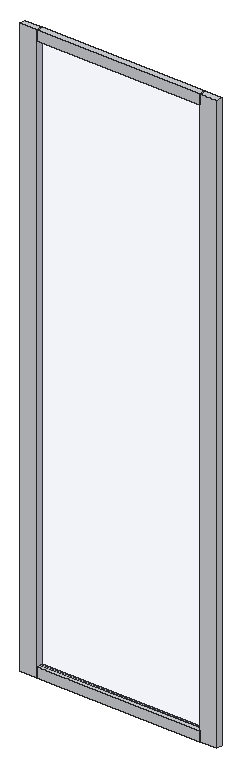
Revit family "ASL Door Suite 125mm", category Doors, Revit 2018
Family settings
  OmniClass Number = 23.25.20.14.11.11.17
  OmniClass Title = Infill Panels
  Always vertical = Yes
  Cut with Voids When Loaded = No
  Shared = No
  Room Calculation Point = No
Parameters (values of type "125mm Frame_75mm Head_75mm Kickplate")
  URL = "www.aluminate.nz"
  Type Comments = "ASL Door Suite 125mm"  # constant formula
  Model = "ASL Door Suite 125mm"  # constant formula
  Material = none
  Manufacturer = "Aluminate Solutions Limited"  # constant formula
  Kickplate High = 75 mm
  Head Depth = 75 mm
  Glass Material = none
  Frame Width = 125 mm
  Frame Thickness = 44 mm
  Created By = "http://www.productspec.net/"  # constant formula
  Assembly Code = ""
  Analytic Construction = "<None>"
Types (5, lengths in mm): name | URL | Kickplate High | Head Depth
  125mm Frame_100mm Head_100mm Kickplate | "http://www.productspec.net/products/21357/psl-innovative-aluminium/alement-doors.aspx" | 100 | 100
  125mm Frame_75mm Head_150mm Kickplate | "http://www.productspec.net/products/21357/psl-innovative-aluminium/alement-doors.aspx" | 150 | 75
  125mm Frame_75mm Head_75mm Kickplate | "www.aluminate.nz" | 75 | 75
  125mm Frame_75mm Head_100mm Kickplate | "http://www.productspec.net/products/21357/psl-innovative-aluminium/alement-doors.aspx" | 100 | 75
  125mm Frame_100mm Head_150mm Kickplate | "http://www.productspec.net/products/21357/psl-innovative-aluminium/alement-doors.aspx" | 150 | 100
Reference planes
  plane 1 "Center (Front/Back)": y = 0
  plane 2: z = 0
  plane 3 "Center (Left/Right)": x = 0
  plane 4 "Left": x = -728
  plane 5 "Right": x = 728
  plane 6 "Top": z = 4290
  plane 7: x = -603
  plane 8: x = 603
Forms (mm)
  Sweep 1, solid, material <- "Material"
    path origin (0, 0, 0) x (1, 0, 0) y (0, 0, 1)
      loop
        line (728, 0) -> (728, 4290)
    profile "ASL Door Frame : Jamb" origin (728, 0, 2145) x (-1, 0, 0) y (0, -1, 0)
      loop
        line (0, 22) -> (0, -22) -> (125, -22) -> (125, 22) -> (0, 22)
  Sweep 2, solid, material <- "Material"
    path origin (0, 0, 0) x (1, 0, 0) y (0, 0, 1)
      loop
        line (-603, 0) -> (603, 0)
    profile "ASL Door Frame : Kickplate" origin (0, 0, 0) x (0, 0, 1) y (0, -1, 0)
      loop
        line (0, 22) -> (0, -22) -> (75, -22) -> (75, 22) -> (0, 22)
  Extrusion 3, solid, material <- "Glass Material"
    sketch origin (0, 0, 0) x (1, 0, 0) y (0, 0, 1)
      loop
        line (603, 4215) -> (-603, 4215) -> (-603, 75) -> (603, 75) -> (603, 4215)
    from -6 to 6
  Sweep 4, solid, material <- "Material"
    path origin (0, 0, 0) x (-1, 0, 0) y (0, 0, 1)
      loop
        line (728, 0) -> (728, 4290)
    profile "ASL Door Frame : Jamb" origin (-728, 0, 2145) x (-1, 0, 0) y (0, -1, 0)
      loop
        line (0, 22) -> (-125, 22) -> (-125, -22) -> (0, -22) -> (0, 22)
  Sweep 5, solid, material <- "Material"
    path origin (0, 0, 0) x (1, 0, 0) y (0, 0, 1)
      loop
        line (603, 4290) -> (-603, 4290)
    profile "ASL Door Frame : Head" origin (0, 0, 4290) x (0, 0, -1) y (0, -1, 0)
      loop
        line (0, 22) -> (0, -22) -> (75, -22) -> (75, 22) -> (0, 22)
Lines and regions (mm)
  Masking region 1
    outline origin (0, 0, 0) x (1, 0, 0) y (0, 1, 0)
      loop
        line (-684, 0) -> (-684, 125) -> (-728, 125) -> (-728, 0) -> (-684, 0)
  Masking region 2
    outline origin (0, 0, 0) x (1, 0, 0) y (0, 1, 0)
      loop
        line (-684, 1331) -> (-684, 1456) -> (-728, 1456) -> (-728, 1331) -> (-684, 1331)
  symbolic lines, style "DoorsFrameMullionProjection", detail levels medium+fine
    curve 1: line (-728, 0, 0) -> (-684, 0, 0)
    curve 2: line (-728, 125, 0) -> (-728, 0, 0)
    curve 3: line (-684, 125, 0) -> (-728, 125, 0)
    curve 4: line (-684, 0, 0) -> (-684, 125, 0)
    curve 5: line (-728, 1331, 0) -> (-684, 1331, 0)
    curve 6: line (-728, 1456, 0) -> (-728, 1331, 0)
    curve 7: line (-684, 1456, 0) -> (-728, 1456, 0)
    curve 8: line (-684, 1331, 0) -> (-684, 1456, 0)
  symbolic lines, style "Plan Swing"
    curve 9: arc (728, 0, 0) -> (301.547, 1029.547, 0) -> (-728, 1456, 0) r 1456
  symbolic lines, style "DoorsGlassProjection", detail levels medium
    curve 10: line (-706, 125, 0) -> (-706, 1331, 0)
  symbolic lines, style "DoorsFrameMullionProjection", detail levels coarse
    curve 11: line (-728, 0, 0) -> (-728, 1456, 0)
  symbolic lines, style "DoorsGlassProjection", detail levels fine
    curve 12: line (-700, 125, 0) -> (-700, 1331, 0)
    curve 13: line (-712, 125, 0) -> (-712, 1331, 0)
  symbolic lines, style "Elevation Swing"
    curve 14: line (728, 0, 4290) -> (-728, 0, 2145)
    curve 15: line (-728, 0, 2145) -> (728, 0, 0)
Text (mm)
  text "Exterior" at (-2351.972, 1416.179, 0), in view "Ref. Level"
  text "Exterior" at (0, 2290.741, 4406.713), in view "Left"
  text "Exterior" at (0, 1328.187, 4120.349), in view "Right"
Dimensions and locks
  equal spacing: plane 4 "Left", plane 3 "Center (Left/Right)", plane 5 "Right"
  "Frame Width": curve 5 to curve 7
  "Frame Width": curve 3 to plane 1 "Center (Front/Back)"
  "Frame Thickness": plane 4 "Left" to curve 4
  "Frame Thickness": plane 4 "Left" to curve 8
  equal spacing: curve 11, curve 10, curve 8
  locked: curve 10 to curve 12 at 6
  locked: curve 13 to curve 10 at 6
  equal spacing: plane 6 "Top", curve 15, plane 2
  "Frame Width": plane 4 "Left" to plane 7
  "Frame Width": plane 5 "Right" to plane 8
  aligned and locked: level to plane 2
  aligned and locked: curve 7 to curve 9
  aligned and locked: plane 4 "Left" to Sweep 4
  aligned and locked: plane 7 to Sweep 5 sketch curve
  aligned and locked: plane 8 to Sweep 5 sketch curve
  aligned and locked: Extrusion 3 sketch curve to plane 7
  aligned and locked: plane 8 to Extrusion 3 sketch curve
  aligned and locked: plane 7 to Sweep 2 sketch curve
  aligned and locked: plane 8 to Sweep 2 sketch curve
  aligned: Extrusion 3 to Sweep 2
  aligned: Extrusion 3 to Sweep 5
  aligned and locked: Sweep 1 to plane 5 "Right"
  aligned and locked: Extrusion 3 sketch curve to Sweep 2
  aligned and locked: Extrusion 3 sketch curve to Sweep 5
  aligned and locked: Masking region 2 sketch curve to curve 8
  aligned and locked: Masking region 2 sketch curve to curve 7
  aligned and locked: Masking region 2 sketch curve to curve 6
  aligned and locked: Masking region 2 sketch curve to curve 5
  aligned and locked: Masking region 1 sketch curve to curve 4
  aligned and locked: Masking region 1 sketch curve to curve 3
  aligned and locked: Masking region 1 sketch curve to curve 2
  aligned and locked: Masking region 1 sketch curve to curve 1
Automatic sketch dimensions
  plane 5 "Right" to Sweep 1 sketch curve = 0 mm
  Sweep 1 sketch curve to level = 0 mm
  Sweep 1 sketch curve to plane 6 "Top" = 0 mm
  Sweep 2 sketch curve to level = 0 mm
  plane 4 "Left" to curve 14 = 0 mm
  curve 15 to level = 0 mm
  plane 5 "Right" to curve 15 = 0 mm
  plane 5 "Right" to curve 14 = 0 mm
  curve 14 to plane 6 "Top" = 0 mm
  plane 4 "Left" to Sweep 4 sketch curve = 0 mm
  Sweep 4 sketch curve to level = 0 mm
  Sweep 4 sketch curve to plane 6 "Top" = 0 mm
  Sweep 5 sketch curve to plane 6 "Top" = 0 mm
  plane 1 "Center (Front/Back)" to curve 1 = 0 mm
  curve 1 to plane 4 "Left" = 0 mm
  plane 1 "Center (Front/Back)" to curve 9 = 0 mm
  curve 9 to plane 5 "Right" = 0 mm
